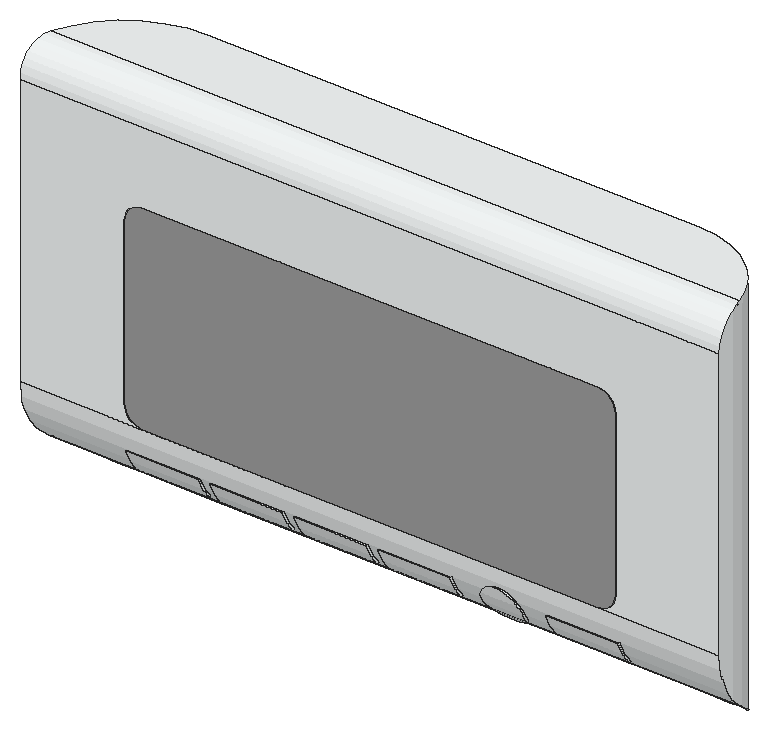
Revit family "WTH_thermostaat D9385", category Mechanical Equipment, Revit 2012
Parameters
  lod_niveau = "LOD400"  # constant formula
  leverancier = "WTH Vloerverwarming B.V."  # constant formula
  datasheet = "http://www.wth.nl/CmsData/Producten/D9375/D9375%20Productblad%20digitale%20klokthermostaat.pdf"
  content_modified_date = "08-08-2013"
  content_creation_date = "08-08-2013"  # constant formula
  bestelnummer = "D9385"  # constant formula
  artikelnummer = "D9385"  # constant formula
  URL = "http://www.wth.nl/Items/nl-NL/Producten/assortiment/D9385-WTH-Comfort-RFT-digitale-klokthermostaat"
  Model = ""
  Manufacturer = "WTH Vloerverwarming B.V."  # constant formula
  GTIN = ""
  GLN = ""
  Description = "WTH Comfort RF-T digitale klokthermostaat toepasbaar in combinatie met de UMR"  # constant formula
  Content version = "1.0"  # constant formula
  Content Creator = "www.cadac.com/aec"
Reference planes
  plane 1 "Center (Front/Back)": y = 0
  plane 2: z = 0
  plane 3 "Center (Left/Right)": x = 0
  plane 4: x = -77.5
  plane 5: x = 77.5
  plane 6: z = 92
  plane 7: y = -23
  plane 8: x = -20
  plane 9: z = 69
  plane 10: z = 25
  plane 11: x = 20
  plane 12: x = -54.5
  plane 13: x = 54.5
  plane 14: x = -20.2
  plane 15: z = 25
  plane 16: z = 85
  plane 17: y = -16
  plane 18: z = 24.869
Forms (mm)
  Extrusion 1, solid, material "zz_250-255-255"
    sketch origin (0, 0, 0) x (1, 0, 0) y (0, 0, 1)
      loop
        line (-77.5, 92) -> (-77.5, 0) -> (77.5, 0) -> (77.5, 92) -> (-77.5, 92)
    from 0 to 23
  Extrusion 2, void
    sketch origin (0, 0, 0) x (1, 0, 0) y (0, 0, 1)
      loop
        arc (-50.5, 69) -> (-53.328, 67.828) -> (-54.5, 65) r 4
        line (-54.5, 65) -> (-54.5, 29)
        arc (-54.5, 29) -> (-53.328, 26.172) -> (-50.5, 25) r 4
        line (-50.5, 25) -> (50.5, 25)
        arc (50.5, 25) -> (53.328, 26.172) -> (54.5, 29) r 4
        line (54.5, 29) -> (54.5, 65)
        arc (54.5, 65) -> (53.328, 67.828) -> (50.5, 69) r 4
        line (50.5, 69) -> (-50.5, 69)
    from 21.604 to 23
  Extrusion 3, solid, material "zz_128-128-128"
    sketch origin (23.265, 0, 0) x (1, 0, 0) y (0, 0, 1)
      loop
        arc (-73.765, 69) -> (-76.593, 67.828) -> (-77.765, 65) r 4
        line (-77.765, 65) -> (-77.765, 29)
        arc (-77.765, 29) -> (-76.593, 26.172) -> (-73.765, 25) r 4
        line (-73.765, 25) -> (27.235, 25)
        arc (27.235, 25) -> (30.064, 26.172) -> (31.235, 29) r 4
        line (31.235, 29) -> (31.235, 65)
        arc (31.235, 65) -> (30.064, 67.828) -> (27.235, 69) r 4
        line (27.235, 69) -> (-73.765, 69)
    from 21.604 to 23
  Extrusion 4, void
    sketch origin (0, 0, 0) x (0, 1, 0) y (0, 0, 1)
      loop
        arc (-15.91, 11.559) -> (-21.119, 17.402) -> (-23, 25) r 16.285
        line (-23, 25) -> (-23, 0) -> (0, 0) -> (-15.91, 11.559)
    from -77.5 to 77.5
  Extrusion 5, void
    sketch origin (0, 0, 101.8) x (0, 1, 0) y (0, 0, 1)
      loop
        line (-16, -9.8) -> (-23, -9.8) -> (-23, -16.8)
        arc (-23, -16.8) -> (-20.95, -11.85) -> (-16, -9.8) r 7
    from -77.5 to 77.5
  Extrusion 6, solid, material "zz_250-255-255"
    sketch origin (-4.999, 0, 0) x (1, 0, 0) y (0, 0, 1)
      loop
        line (-49.501, 19) -> (-49.501, 14) -> (-33.501, 14) -> (-33.501, 19) -> (-49.501, 19)
    from 1.798 to 23
  Extrusion 7, solid, material "zz_250-255-255"
    sketch origin (88.001, 0, 0) x (1, 0, 0) y (0, 0, 1)
      loop
        line (-49.501, 19) -> (-49.501, 14) -> (-33.501, 14) -> (-33.501, 19) -> (-49.501, 19)
    from 1.798 to 23
  Extrusion 8, solid, material "zz_250-255-255"
    sketch origin (13.601, 0, 0) x (1, 0, 0) y (0, 0, 1)
      loop
        line (-49.501, 19) -> (-49.501, 14) -> (-33.501, 14) -> (-33.501, 19) -> (-49.501, 19)
    from 1.798 to 23
  Extrusion 9, solid, material "zz_250-255-255"
    sketch origin (32.201, 0, 0) x (1, 0, 0) y (0, 0, 1)
      loop
        line (-49.501, 19) -> (-49.501, 14) -> (-33.501, 14) -> (-33.501, 19) -> (-49.501, 19)
    from 1.798 to 23
  Extrusion 10, solid, material "zz_250-255-255"
    sketch origin (50.801, 0, 0) x (1, 0, 0) y (0, 0, 1)
      loop
        line (-49.501, 19) -> (-49.501, 14) -> (-33.501, 14) -> (-33.501, 19) -> (-49.501, 19)
    from 1.798 to 23
  Extrusion 11, solid, material "zz_250-255-255"
    sketch origin (69.401, 0, 0) x (1, 0, 0) y (0, 0, 1)
      loop
        circle (-41.501, 16.5) r 4.5
    from 1.798 to 23.483
  Extrusion 12, void
    sketch origin (0, -0.483, -0.131) x (0, 1, 0) y (0, 0, 1)
      loop
        arc (-15.91, 11.559) -> (-21.119, 17.402) -> (-23, 25) r 16.285
        line (-23, 25) -> (-23, 0) -> (0, 0) -> (-15.91, 11.559)
    from -77.5 to 77.5
  Extrusion 13, void
    sketch origin (0, 0, 0) x (1, 0, 0) y (0, 1, 0)
      loop
        line (77.5, 0) -> (54.5, 0)
        arc (54.5, 0) -> (70.763, -6.737) -> (77.5, -23) r 23
        line (77.5, -23) -> (77.5, 0)
    from 0 to 92
  Extrusion 14, void
    sketch origin (0, 0, 0) x (-1, 0, 0) y (0, -1, 0)
      loop
        line (77.5, 0) -> (77.5, 23)
        arc (77.5, 23) -> (70.763, 6.737) -> (54.5, 0) r 23
        line (54.5, 0) -> (77.5, 0)
    from 0 to 92
Cuts and joins
  Extrusion 2, Extrusion 4, Extrusion 5, Extrusion 12, Extrusion 13, Extrusion 14 cuts Extrusion 1
  Extrusion 12 cuts Extrusion 6
  Extrusion 12 cuts Extrusion 7
  Extrusion 12 cuts Extrusion 8
  Extrusion 12 cuts Extrusion 9
  Extrusion 12 cuts Extrusion 10
  Extrusion 12 cuts Extrusion 11
Dimensions and locks
  equal spacing: plane 5, plane 3 "Center (Left/Right)", plane 4
  plane 5 to plane 4 = 155.0 mm
  plane 6 to plane 2 = 92.0 mm
  equal spacing: plane 13, plane 3 "Center (Left/Right)", plane 12
  plane 13 to plane 12 = 109.0 mm
  plane 6 to plane 9 = 23.0 mm
  aligned and locked: level to plane 2
  aligned and locked: Extrusion 1 sketch curve to plane 6
  aligned and locked: plane 4 to Extrusion 1 sketch curve
  aligned and locked: plane 2 to Extrusion 1 sketch curve
  aligned and locked: Extrusion 1 sketch curve to plane 5
  aligned and locked: Extrusion 1 to plane 7
  aligned and locked: Extrusion 2 to Extrusion 3  (x2)
  aligned and locked: plane 13 to Extrusion 2
  aligned and locked: Extrusion 5 to plane 4
  aligned and locked: plane 5 to Extrusion 5
  aligned and locked: plane 5 to Extrusion 4
  aligned and locked: Extrusion 4 to plane 4
  aligned and locked: plane 12 to Extrusion 3 sketch curve
  aligned and locked: Extrusion 3 sketch curve to plane 13
Automatic sketch dimensions
  Extrusion 2 sketch curve to plane 12 = 0.0 mm
  Extrusion 2 sketch curve to plane 10 = 0.0 mm
  Extrusion 2 sketch curve to plane 9 = 0.0 mm
  Extrusion 2 sketch curve to plane 13 = 0.0 mm
  plane 12 to Extrusion 2 sketch curve = 4.0 mm
  Extrusion 2 sketch curve to Extrusion 2 sketch curve = 4.0 mm
  plane 10 to Extrusion 2 sketch curve = 4.0 mm
  Extrusion 2 sketch curve to plane 13 = 4.0 mm
  Extrusion 3 sketch curve to plane 10 = 0.0 mm
  Extrusion 3 sketch curve to plane 9 = 0.0 mm
  plane 10 to Extrusion 3 sketch curve = 4.0 mm
  plane 12 to Extrusion 3 sketch curve = 4.0 mm
  Extrusion 3 sketch curve to Extrusion 3 sketch curve = 4.0 mm
  Extrusion 3 sketch curve to plane 13 = 4.0 mm
  Extrusion 4 sketch curve to level = 0.0 mm
  Extrusion 4 sketch curve to plane 7 = 0.0 mm
  Extrusion 4 sketch curve to plane 10 = 0.0 mm
  Extrusion 4 sketch curve to plane 1 "Center (Front/Back)" = 0.0 mm
  plane 7 to Extrusion 4 sketch curve = 7.09 mm
  plane 1 "Center (Front/Back)" to Extrusion 4 sketch curve = 6.715 mm
  Extrusion 5 sketch curve to plane 6 = 0.0 mm
  Extrusion 5 sketch curve to plane 7 = 0.0 mm
  plane 16 to Extrusion 5 sketch curve = 0.0 mm
  Extrusion 6 sketch curve to plane 12 = 0.0 mm
  plane 12 to Extrusion 6 sketch curve = 16.0 mm
  Extrusion 6 sketch curve to plane 10 = 11.0 mm
  Extrusion 6 sketch curve to Extrusion 6 sketch curve = 5.0 mm
  Extrusion 7 sketch curve to plane 13 = 0.0 mm
  Extrusion 7 sketch curve to plane 10 = 6.0 mm
  Extrusion 7 sketch curve to Extrusion 7 sketch curve = 16.0 mm
  Extrusion 7 sketch curve to Extrusion 7 sketch curve = 5.0 mm
  Extrusion 8 sketch curve to plane 14 = 15.7 mm
  plane 8 to Extrusion 8 sketch curve = 0.1 mm
  Extrusion 8 sketch curve to plane 10 = 11.0 mm
  Extrusion 8 sketch curve to Extrusion 8 sketch curve = 5.0 mm
  plane 8 to Extrusion 9 sketch curve = 2.7 mm
  Extrusion 9 sketch curve to plane 3 "Center (Left/Right)" = 1.3 mm
  Extrusion 9 sketch curve to plane 10 = 11.0 mm
  Extrusion 9 sketch curve to Extrusion 9 sketch curve = 5.0 mm
  plane 3 "Center (Left/Right)" to Extrusion 10 sketch curve = 1.3 mm
  plane 11 to Extrusion 10 sketch curve = 2.7 mm
  Extrusion 10 sketch curve to plane 10 = 11.0 mm
  Extrusion 10 sketch curve to Extrusion 10 sketch curve = 5.0 mm
  Extrusion 11 sketch curve to plane 11 = 7.9 mm
  Extrusion 11 sketch curve to plane 10 = 8.5 mm
  Extrusion 12 sketch curve to plane 18 = 0.0 mm
  Extrusion 12 sketch curve to level = 0.131 mm
  Extrusion 12 sketch curve to plane 7 = 0.483 mm
  plane 7 to Extrusion 12 sketch curve = 6.606 mm
  plane 1 "Center (Front/Back)" to Extrusion 12 sketch curve = 7.198 mm
  plane 1 "Center (Front/Back)" to Extrusion 12 sketch curve = 0.483 mm
  Extrusion 13 sketch curve to plane 7 = 0.0 mm
  Extrusion 13 sketch curve to plane 13 = 0.0 mm
  plane 1 "Center (Front/Back)" to Extrusion 13 sketch curve = 0.0 mm
  Extrusion 14 sketch curve to plane 7 = 0.0 mm
  Extrusion 14 sketch curve to plane 12 = 0.0 mm
  plane 1 "Center (Front/Back)" to Extrusion 14 sketch curve = 0.0 mm
  radius of Extrusion 11 sketch curve = 4.5 mm
